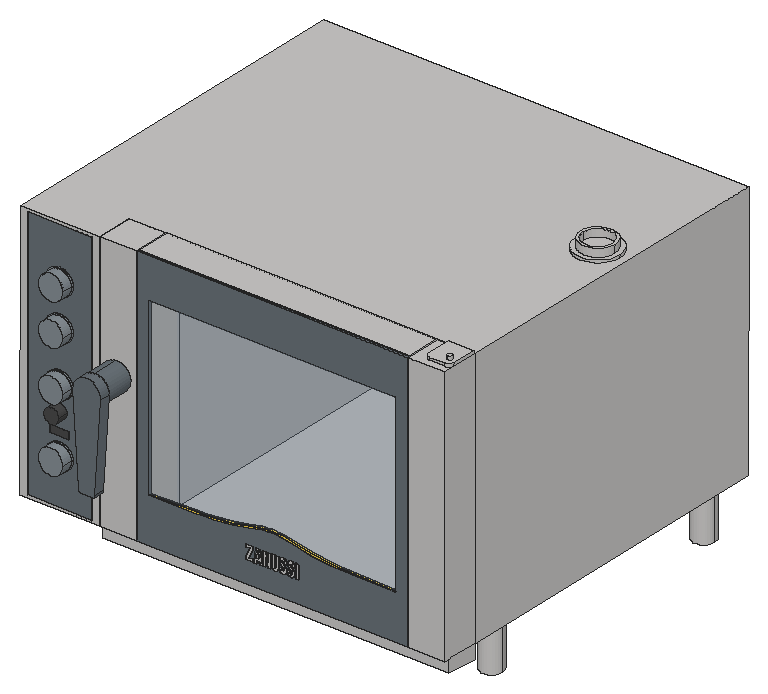
Revit family "QF_ZANUSSI_240450_ZFCE61SSDS", category Attrezzature speciali, Revit 2023 (continued)
Definition of nested family "ZAN_DOOR_CROSSWISE_H525"
  Automatic sketch dimensions
    plane 13 to Extrusion 4 sketch curve = 218.604 mm
    Extrusion 4 sketch curve to Extrusion 4 sketch curve = 28.998 mm
    Extrusion 4 sketch curve to Extrusion 4 sketch curve = 2.06 mm
    Extrusion 4 sketch curve to Extrusion 4 sketch curve = 0.191 mm
    Extrusion 4 sketch curve to Extrusion 4 sketch curve = 0.669 mm
    Extrusion 4 sketch curve to Extrusion 4 sketch curve = 1.051 mm
    Extrusion 4 sketch curve to Extrusion 4 sketch curve = 5.17 mm
    Extrusion 4 sketch curve to Extrusion 4 sketch curve = 63.165 mm
    Extrusion 4 sketch curve to Extrusion 4 sketch curve = 160.676 mm
    plane 9 to Extrusion 4 sketch curve = 110.668 mm
    plane 9 to Extrusion 4 sketch curve = 104.369 mm
    Extrusion 4 sketch curve to Extrusion 4 sketch curve = 0.216 mm
    Extrusion 4 sketch curve to Extrusion 4 sketch curve = 20.101 mm
    Extrusion 4 sketch curve to Extrusion 4 sketch curve = 14.439 mm
    plane 16 to Extrusion 4 sketch curve = 89.148 mm
    Extrusion 4 sketch curve to Extrusion 4 sketch curve = 0.343 mm
    Extrusion 4 sketch curve to Extrusion 4 sketch curve = 0.346 mm
    Extrusion 4 sketch curve to Extrusion 4 sketch curve = 1.209 mm
    Extrusion 4 sketch curve to Extrusion 4 sketch curve = 2.747 mm
    Extrusion 4 sketch curve to Extrusion 4 sketch curve = 2.745 mm  (x2)
    Extrusion 4 sketch curve to Extrusion 4 sketch curve = 2.666 mm
    Extrusion 4 sketch curve to Extrusion 4 sketch curve = 2.667 mm
    Extrusion 4 sketch curve to Extrusion 4 sketch curve = 5.816 mm  (x2)
    Extrusion 4 sketch curve to Extrusion 4 sketch curve = 2.231 mm
    Extrusion 4 sketch curve to Extrusion 4 sketch curve = 5.779 mm
    Extrusion 4 sketch curve to Extrusion 4 sketch curve = 5.783 mm
    Extrusion 4 sketch curve to Extrusion 4 sketch curve = 2.602 mm
    Extrusion 4 sketch curve to Extrusion 4 sketch curve = 2.603 mm
    plane 16 to Extrusion 5 sketch curve = 47.982 mm  (x2)
    Extrusion 5 sketch curve to Extrusion 5 sketch curve = 0 mm  (x16)
    Extrusion 5 sketch curve to Extrusion 5 sketch curve = 0.692 mm  (x2)
    Extrusion 5 sketch curve to Extrusion 5 sketch curve = 4.75 mm  (x5)
    Extrusion 5 sketch curve to Extrusion 5 sketch curve = 4.787 mm
    Extrusion 5 sketch curve to Extrusion 5 sketch curve = 0.328 mm
    Extrusion 5 sketch curve to Extrusion 5 sketch curve = 5.241 mm  (x2)
    Extrusion 5 sketch curve to Extrusion 5 sketch curve = 4.87 mm
    Extrusion 5 sketch curve to Extrusion 5 sketch curve = 5.561 mm
    Extrusion 5 sketch curve to Extrusion 5 sketch curve = 0.212 mm  (x2)
    Extrusion 5 sketch curve to Extrusion 5 sketch curve = 0.025 mm  (x2)
    Extrusion 5 sketch curve to Extrusion 5 sketch curve = 0.346 mm  (x2)
    Extrusion 5 sketch curve to Extrusion 5 sketch curve = 0.525 mm  (x3)
    Extrusion 5 sketch curve to Extrusion 5 sketch curve = 1.401 mm  (x2)
    Extrusion 5 sketch curve to Extrusion 5 sketch curve = 1.186 mm  (x2)
    Extrusion 5 sketch curve to Extrusion 5 sketch curve = 2.546 mm  (x2)
    Extrusion 5 sketch curve to Extrusion 5 sketch curve = 0.458 mm  (x2)
    Extrusion 5 sketch curve to Extrusion 5 sketch curve = 9.5 mm
    Extrusion 5 sketch curve to Extrusion 5 sketch curve = 5.655 mm  (x2)
    Extrusion 5 sketch curve to Extrusion 5 sketch curve = 5.986 mm  (x2)
    Extrusion 5 sketch curve to Extrusion 5 sketch curve = 2.141 mm  (x2)
    Extrusion 5 sketch curve to Extrusion 5 sketch curve = 12.739 mm
    Extrusion 5 sketch curve to Extrusion 5 sketch curve = 8.354 mm
    Extrusion 5 sketch curve to Extrusion 5 sketch curve = 3.681 mm
    Extrusion 5 sketch curve to Extrusion 5 sketch curve = 1.209 mm
    Extrusion 5 sketch curve to Extrusion 5 sketch curve = 0.702 mm  (x2)
    Extrusion 5 sketch curve to Extrusion 5 sketch curve = 1.067 mm  (x2)
    Extrusion 5 sketch curve to Extrusion 5 sketch curve = 0.798 mm
    Extrusion 5 sketch curve to Extrusion 5 sketch curve = 1.163 mm
    Extrusion 5 sketch curve to Extrusion 5 sketch curve = 0.282 mm
    Extrusion 5 sketch curve to Extrusion 5 sketch curve = 2.148 mm
    Extrusion 5 sketch curve to Extrusion 5 sketch curve = 1.642 mm
    Extrusion 5 sketch curve to Extrusion 5 sketch curve = 0.277 mm
    Extrusion 5 sketch curve to Extrusion 5 sketch curve = 1.568 mm  (x2)
    Extrusion 5 sketch curve to Extrusion 5 sketch curve = 0.043 mm  (x2)
    Extrusion 5 sketch curve to Extrusion 5 sketch curve = 0.093 mm  (x2)
    Extrusion 5 sketch curve to Extrusion 5 sketch curve = 3.228 mm
    Extrusion 5 sketch curve to Extrusion 5 sketch curve = 0.491 mm
    Extrusion 5 sketch curve to Extrusion 5 sketch curve = 3.931 mm  (x3)
    Extrusion 5 sketch curve to Extrusion 5 sketch curve = 5.078 mm
    Extrusion 5 sketch curve to Extrusion 5 sketch curve = 2.818 mm
    Extrusion 5 sketch curve to Extrusion 5 sketch curve = 1.565 mm
    Extrusion 5 sketch curve to Extrusion 5 sketch curve = 5.405 mm
    Extrusion 5 sketch curve to Extrusion 5 sketch curve = 5.733 mm  (x3)
    Extrusion 5 sketch curve to Extrusion 5 sketch curve = 7.68 mm
    plane 13 to Extrusion 5 sketch curve = 197.259 mm
    Extrusion 5 sketch curve to Extrusion 5 sketch curve = 4.888 mm
    Extrusion 5 sketch curve to Extrusion 5 sketch curve = 5.704 mm
    Extrusion 5 sketch curve to Extrusion 5 sketch curve = 0.845 mm
    Extrusion 5 sketch curve to Extrusion 5 sketch curve = 1.947 mm  (x2)
    Extrusion 5 sketch curve to Extrusion 5 sketch curve = 0.089 mm  (x2)
    Extrusion 5 sketch curve to Extrusion 5 sketch curve = 1.743 mm
    Extrusion 5 sketch curve to Extrusion 5 sketch curve = 6.311 mm
    Extrusion 5 sketch curve to Extrusion 5 sketch curve = 5.327 mm  (x2)
    Extrusion 5 sketch curve to Extrusion 5 sketch curve = 0.024 mm  (x2)
    Extrusion 5 sketch curve to Extrusion 5 sketch curve = 0.143 mm  (x2)
    Extrusion 5 sketch curve to Extrusion 5 sketch curve = 0.597 mm  (x2)
    Extrusion 5 sketch curve to Extrusion 5 sketch curve = 2.07 mm  (x2)
    Extrusion 5 sketch curve to Extrusion 5 sketch curve = 1.298 mm  (x2)
    Extrusion 5 sketch curve to Extrusion 5 sketch curve = 1.366 mm  (x2)
    Extrusion 5 sketch curve to Extrusion 5 sketch curve = 0.362 mm  (x2)
    Extrusion 5 sketch curve to Extrusion 5 sketch curve = 0.15 mm  (x2)
    Extrusion 5 sketch curve to Extrusion 5 sketch curve = 0.726 mm  (x3)
    Extrusion 5 sketch curve to Extrusion 5 sketch curve = 0.409 mm  (x2)
    Extrusion 5 sketch curve to Extrusion 5 sketch curve = 1.432 mm  (x2)
    Extrusion 5 sketch curve to Extrusion 5 sketch curve = 2.132 mm  (x2)
    Extrusion 5 sketch curve to Extrusion 5 sketch curve = 2.415 mm  (x2)
    Extrusion 5 sketch curve to Extrusion 5 sketch curve = 2.892 mm  (x2)
    Extrusion 5 sketch curve to Extrusion 5 sketch curve = 4.969 mm
    Extrusion 5 sketch curve to Extrusion 5 sketch curve = 2.57 mm
    Extrusion 5 sketch curve to Extrusion 5 sketch curve = 0.116 mm
    Extrusion 5 sketch curve to Extrusion 5 sketch curve = 2.846 mm
    Extrusion 5 sketch curve to Extrusion 5 sketch curve = 4.422 mm  (x2)
    Extrusion 5 sketch curve to Extrusion 5 sketch curve = 1.773 mm
    Extrusion 5 sketch curve to Extrusion 5 sketch curve = 5.719 mm
    Extrusion 5 sketch curve to Extrusion 5 sketch curve = 3.505 mm
    Extrusion 5 sketch curve to Extrusion 5 sketch curve = 1.646 mm
    Extrusion 5 sketch curve to Extrusion 5 sketch curve = 0.109 mm
    Extrusion 5 sketch curve to Extrusion 5 sketch curve = 1.311 mm
    Extrusion 5 sketch curve to Extrusion 5 sketch curve = 6.224 mm
    Extrusion 5 sketch curve to Extrusion 5 sketch curve = 6.061 mm
    Extrusion 5 sketch curve to Extrusion 5 sketch curve = 5.967 mm
    Extrusion 5 sketch curve to Extrusion 5 sketch curve = 5.897 mm  (x2)
    Extrusion 5 sketch curve to Extrusion 5 sketch curve = 0.819 mm  (x3)
    Extrusion 5 sketch curve to Extrusion 5 sketch curve = 3.276 mm
    Extrusion 5 sketch curve to Extrusion 5 sketch curve = 0.856 mm
    Extrusion 5 sketch curve to Extrusion 5 sketch curve = 5.934 mm
    Extrusion 5 sketch curve to Extrusion 5 sketch curve = 6.716 mm
    Extrusion 5 sketch curve to Extrusion 5 sketch curve = 8.598 mm
    Extrusion 5 sketch curve to Extrusion 5 sketch curve = 7.535 mm
    Extrusion 5 sketch curve to Extrusion 5 sketch curve = 6.308 mm
    Extrusion 5 sketch curve to Extrusion 5 sketch curve = 1.217 mm
    Extrusion 5 sketch curve to Extrusion 5 sketch curve = 3.121 mm  (x2)
    Extrusion 6 sketch curve to plane 7 = 0 mm  (x2)
    Extrusion 6 sketch curve to plane 9 = 0 mm
    Extrusion 6 sketch curve to plane 16 = 0 mm
    Extrusion 6 sketch curve to plane 5 "Feet" = 0 mm
    Extrusion 6 sketch curve to plane 15 = 0 mm
    plane 13 to Extrusion 6 sketch curve = 0 mm
    Extrusion 6 sketch curve to plane 14 = 0 mm
    Extrusion 1 sketch curve to plane 4 "Top" = 0 mm  (x2)
    Extrusion 1 sketch curve to plane 3 "Center (Left/Right)" = 0 mm
    Extrusion 1 sketch curve to plane 5 "Feet" = 0 mm  (x2)
    plane 10 to Extrusion 1 sketch curve = 0 mm
    Extrusion 1 sketch curve to plane 12 = 0 mm
    plane 11 to Extrusion 1 sketch curve = 0 mm
    plane 5 "Feet" to Extrusion 12 sketch curve = 0 mm
    Extrusion 12 sketch curve to plane 1 "Center (Front/Back)" = 0 mm
    plane 6 "Front" to Extrusion 12 sketch curve = 10 mm
    Extrusion 12 sketch curve to Extrusion 12 sketch curve = 25 mm
    Extrusion 12 sketch curve to Extrusion 12 sketch curve = 29.545 mm
    Extrusion 11 sketch curve to plane 17 = 0 mm
    Extrusion 11 sketch curve to plane 18 = 0 mm
    Extrusion 8 sketch curve to plane 7 = 0 mm
    Extrusion 8 sketch curve to plane 9 = 0 mm
    Extrusion 8 sketch curve to plane 16 = 0 mm
    plane 13 to Extrusion 8 sketch curve = 0 mm
    radius of curve 16 = 5 mm
    radius of Extrusion 13 sketch curve = 5 mm
    radius of Extrusion 11 sketch curve = 28 mm
